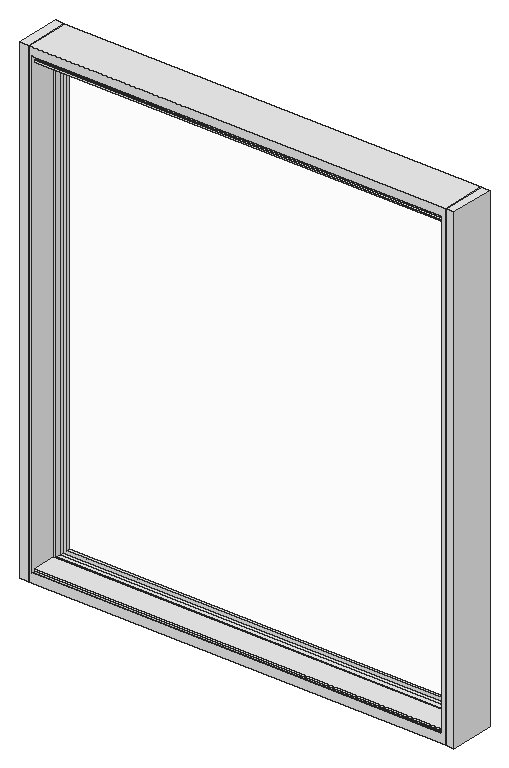
Revit family "heroal S 77 SL Sliding Door - 1-Part - Fixed Glazing", category Türen, Revit 2017
Family settings
  Basisbauteil = Wand
  OmniClass-Nummer = 23.30.10.00
  OmniClass-Titel = Doors
  Immer vertikal = Ja
  Beim Laden mit Abzugskörper schneiden = Nein
  Gemeinsam genutzt = Nein
  Raumberechnungspunkt = Ja
Parameters (values of type "2000x2200")
  Wind Load Resistance DIN EN 12210 = "C3/B3"
  Wall Thickness [instance] = 350 mm
  URL = "http://www.heroal.com"
  Tightness Against Driving Rain DIN EN 12208 = "9A"
  Soundproofing Class DIN EN ISO 717-1 = "1-3"
  Show Insulation in Detail Level Fine [instance] = yes
  Rough Width = Breite  # 2000 mm
  Rough Height = Height  # 2200 mm
  Reveal Top = 20 mm
  Reveal Right = 20 mm
  Reveal Left = 20 mm
  Profile View Width - Frame Profiles = "40 - 52mm"
  Profile View Width - Cross Bar Profiles = "74 - 104mm"
  Profile View Width - Casement Profiles = "104mm"
  Profile Installation Depth - Frame Profiles = "202mm"
  Profile Installation Depth - Cross Bar Profiles = "72mm"
  Profile Installation Depth - Casement Profiles = "77mm"
  Profile Area [instance] = (Breite - 20 mm) * (Height - 10 mm) - Glazing Area  # 0.487296 m²
  Modell = "heroal S 77 SL"  # constant formula
  Max. Thickness Of Glass/Infill Panel = "52mm"
  Max. Casement Weight = "300 - 400kg"
  Max. Casement Leaf Height = "3000mm"
  Hersteller = "heroal"  # constant formula
  Insert Depth [instance] = 125 mm
  Height = 2200 mm
  Wandabschluss = Nach Basisbauteil
  Breite = 2000 mm
  Heat Insulation [Uw in W/m2K] DIN EN ISO 10077-1 = "> 0,82 W/m²K"
  Heat Insulation [Uf in W/m2K]/Standard Profile View DIN EN ISO 10077 = "> 1,2 W/m²K"
  Heat Insulation [Uf in W/m2K] DIN EN ISO 10077 = "> 1,2 W/m²K"
  Glazing Area [instance] = (Breite - 146 mm) * (Height - 124 mm)  # 3.8489 m²
  Glass = heroal Glass
  Edition number = 1
  Door Interior [instance] = heroal Aluminium
  Door Exterior [instance] = heroal Aluminium
  Beschreibung = "heroal S 77 SL Sliding Systems"  # constant formula
  Copyright = "© heroal. Technical changes reserved."  # constant formula
  Calculated U-Value (W/m²K) [instance] = ((Profile Area / 1.00 m² * 1.40 m²) + (Glazing Area / 1.00 m² * 0.70 m²) + (7.86 m² * 0.04)) / (Profile Area + Glazing Area)  # 0.85117
  Burglary Resistance DIN V ENV 1627 = "up to RC 2"
  Baugruppenkennzeichen = "B2030110"
  Analytische Konstruktion = "<None>"
  Air Permeability DIN EN 12207 = "4"
Reference planes
  plane 1 "Center (Front/Back)": y = 0
  plane 2 "Axis 2": x = -150
  plane 3 "Left": x = -1150
  plane 4 "Right": x = 850
  plane 5 "Sill": z = 0
  plane 6 "Head": z = 2200
  plane 7 "Exterior": y = 175
  plane 8 "Interior": y = -175
  plane 9: x = -1130
  plane 10: x = 830
  plane 11 "Frame Exterior": y = 50
  plane 12: z = 2180
  plane 13 "Center (Elevation)": z = 1100
  plane 14 "Top Frame": z = 2190
  plane 15: z = -200
  plane 16: x = -1078
  plane 17 "Glass 1": x = -1094
  plane 18 "Glass Back 1": y = 35.5
  plane 19 "Glass Front 1": y = -4.5
  plane 20 "Glass Bottom": z = 130
  plane 21 "Glass Top": z = 2048
  plane 22: x = 785
  plane 23: x = -1085
  plane 24 "Handlle Edge": y = -152
  plane 25: z = 1050
  plane 26: x = -1140
  plane 27: x = 840
  plane 28: x = 794
  plane 29: x = -1100
  plane 30: x = 800
  plane 31: x = 778
Forms (mm)
  Extrusion 1, void
    sketch origin (0, 0, 0) x (1, 0, 0) y (0, 1, 0)
      loop
        line (-1150, -675) -> (850, -675) -> (850, 50) -> (-1150, 50) -> (-1150, -675)
    from -200 to 2200
  Extrusion 2, void
    sketch origin (0, 0, 0) x (1, 0, 0) y (0, 1, 0)
      loop
        line (-1130, 675) -> (-1130, 50) -> (830, 50) -> (830, 675) -> (-1130, 675)
    from 0 to 2180
  Sweep 3, solid, material "heroal Aluminium" <- "Door Interior"
    path origin (0, 50, 0) x (-1, 0, 0) y (0, 0, 1)
      loop
        line (-850, 0) -> (-850, 2190)
    profile "heroal_Profile_Frame : heroal_Profile_Frame" origin (850, 50, 1095) x (1, 0, 0) y (0, 1, 0)
      loop
        line (-10, 0) -> (-50, 0) -> (-50, -202) -> (-10, -202) -> (-10, 0)
  Sweep 4, solid, material "heroal Aluminium" <- "Door Interior"
    path origin (0, 50, 0) x (-1, 0, 0) y (0, 0, 1)
      loop
        line (1150, 2155) -> (1150, 0)
    profile "heroal_Profile_Sided_Cover : heroal_Profile_Sided_Cover" origin (-1150, 50, 1077.5) x (-1, 0, 0) y (0, 1, 0)
      loop
        line (-65, -81) -> (-65, -202) -> (-50, -202) -> (-50, -81) -> (-65, -81)
  Sweep 5, solid, material "heroal Aluminium" <- "Door Interior"
    path origin (0, 50, 0) x (1, 0, 0) y (0, 0, 1)
      loop
        line (850, 2155) -> (850, 0)
    profile "heroal_Profile_Sided_Cover : heroal_Profile_Sided_Cover" origin (850, 50, 1077.5) x (-1, 0, 0) y (0, 1, 0)
      loop
        line (65, -81) -> (50, -81) -> (50, -202) -> (65, -202) -> (65, -81)
  Sweep 6, solid, material "heroal Aluminium" <- "Door Interior"
    path origin (0, 50, 0) x (1, 0, 0) y (0, 0, 1)
      loop
        line (-1150, 0) -> (-1150, 2190)
    profile "heroal_Profile_Frame : heroal_Profile_Frame" origin (-1150, 50, 1095) x (1, 0, 0) y (0, 1, 0)
      loop
        line (10, 0) -> (10, -202) -> (50, -202) -> (50, 0) -> (10, 0)
  Sweep 7, solid, material "heroal Aluminium" <- "Door Interior"
    path origin (-300, 50, 0) x (1, 0, 0) y (0, 0, 1)
      loop
        line (-800, 2200) -> (1100, 2200)
    profile "heroal_Profile_Frame_Top_Fixed : heroal_Profile_Frame_Top_Fixed" origin (-150, 50, 2200) x (0, 0, -1) y (0, 1, 0)
      loop
        line (10, 0) -> (10, -202) -> (45, -202) -> (45, -186.7) -> (64.279, -186.7) -> (68.168, -193.436) -> (73, -194.288) -> (73, -77) -> (50, -77) -> (50, 0) -> (10, 0)
  Sweep 8, solid, material "heroal Aluminium" <- "Door Interior"
    path origin (-300, 0, 0) x (0, -1, 0) y (-1, 0, 0)
      loop
        line (-50, -1100) -> (-50, 800)
    profile "heroal_Profile_Bottom_Fixed : heroal_Profile_Bottom_Fixed" origin (-150, 50, 0) x (0, -1, 0) y (0, 0, 1)
      loop
        line (0, 30) -> (0, 0) -> (202, 0) -> (202, 39) -> (193.955, 39) -> (193.955, 44.124) -> (191.088, 52) -> (77.125, 52) -> (77.125, 30) -> (0, 30)
Cuts and joins
  joined: Sweep 4, Sweep 5, Sweep 7, Sweep 8
Lines and regions (mm)
  Masking region 1
    outline origin (0, 0, 0) x (0, -1, 0) y (1, 0, 0)
      loop
        line (-35.5, -1094) -> (4.5, -1094) -> (4.5, 794) -> (-35.5, 794) -> (-35.5, -1094)
  Masking region 2
    outline origin (0, 0, 0) x (0, -1, 0) y (1, 0, 0)
      loop
        line (152, 785) -> (27, 785) -> (27, -1085) -> (152, -1085) -> (152, 785)
  symbolic lines
    curve 1: line (778, 50, 0) -> (-1078, 50, 0)
    curve 2: line (-102, -152, 0) -> (-1078, -152, 0)
  symbolic lines, detail levels medium+fine
    curve 3: line (-1094, 15.5, 0) -> (794, 15.5, 0)
Text (mm)
  text "EXTERIOR" at (-1963.203, 1332.353, 0), in view "Ref. Level"
  text "INTERIOR" at (-1981.466, -818.386, 0), in view "Ref. Level"
  text "Exterior" at (0, 923.751, 2943.296), in view "Right"
  text "Exterior" at (0, 1040.484, 2685.409), in view "Left"
Dimensions and locks
  "Breite": plane 3 "Left" to plane 4 "Right"
  "Height": plane 5 "Sill" to plane 6 "Head"
  locked: plane 7 "Exterior" to host wall at 0
  locked: plane 8 "Interior" to host wall
  "Insert Depth": plane 11 "Frame Exterior" to plane 7 "Exterior"
  "Reveal Top": plane 12 to plane 6 "Head"
  Extrusion 1 sketch curve to plane 8 "Interior" = 500 mm
  locked: plane 7 "Exterior" to Extrusion 2 sketch curve at 500
  "Reveal Left": plane 3 "Left" to plane 9
  "Reveal Right": plane 10 to plane 4 "Right"
  locked: plane 14 "Top Frame" to plane 6 "Head" at 10
  equal spacing: plane 5 "Sill", plane 13 "Center (Elevation)", plane 6 "Head"
  "Wall Thickness": host wall to host wall
  plane 15 to plane 5 "Sill" = 200 mm
  plane 11 "Frame Exterior" to plane 18 "Glass Back 1" to plane 19 "Glass Front 1" to plane 24 "Handlle Edge" = 14.5 mm locked, 40 mm locked, 147.5 mm locked
  locked: plane 21 "Glass Top" to plane 6 "Head" at 152
  plane 5 "Sill" to plane 20 "Glass Bottom" = 130 mm
  locked: plane 25 to plane 5 "Sill" at 1050
  locked: plane 3 "Left" to plane 26 at 10
  locked: plane 27 to plane 4 "Right" at 10
  plane 3 "Left" to plane 4 "Right" = 2000 mm
  plane 3 "Left" to plane 29 to plane 17 "Glass 1" to plane 23 to plane 16 = 50 mm locked, 6 mm locked, 9 mm locked, 7 mm locked
  plane 31 to plane 22 to plane 28 to plane 30 to plane 4 "Right" = 7 mm locked, 9 mm locked, 6 mm locked, 50 mm locked
  equal spacing: plane 3 "Left", plane 2 "Axis 2", plane 4 "Right"
  locked: plane 18 "Glass Back 1" to curve 3 at 20
  aligned and locked: Extrusion 1 sketch curve to plane 3 "Left"
  aligned and locked: plane 4 "Right" to Extrusion 1 sketch curve
  aligned and locked: Extrusion 1 sketch curve to plane 11 "Frame Exterior"
  aligned: Extrusion 1 to plane 12
  aligned and locked: plane 11 "Frame Exterior" to Extrusion 2 sketch curve
  aligned and locked: plane 9 to Extrusion 2 sketch curve
  aligned and locked: Extrusion 2 sketch curve to plane 10
  aligned and locked: Extrusion 2 to plane 12
  aligned and locked: plane 5 "Sill" to Extrusion 2
  aligned and locked: Extrusion 1 to plane 6 "Head"
  aligned and locked: plane 4 "Right" to Sweep 3 sketch curve
  aligned and locked: Masking region 1 sketch curve to plane 18 "Glass Back 1"
  aligned and locked: Masking region 1 sketch curve to plane 19 "Glass Front 1"
  aligned and locked: plane 5 "Sill" to Sweep 4 sketch curve
  aligned and locked: plane 3 "Left" to Sweep 4 sketch curve
  aligned and locked: plane 5 "Sill" to Sweep 3 sketch curve
  aligned and locked: plane 5 "Sill" to Sweep 6 sketch curve
  aligned and locked: plane 14 "Top Frame" to Sweep 6 sketch curve
  aligned and locked: plane 14 "Top Frame" to Sweep 3 sketch curve
  aligned and locked: nested 2 to plane 13 "Center (Elevation)"
  aligned and locked: plane 29 to Sweep 7 sketch curve
  aligned and locked: plane 29 to Sweep 8 sketch curve
  aligned and locked: plane 3 "Left" to nested 3
  aligned and locked: plane 11 "Frame Exterior" to nested 3
  aligned and locked: plane 4 "Right" to nested 4
  aligned and locked: nested 4 to plane 11 "Frame Exterior"
  aligned and locked: plane 23 to Masking region 2 sketch curve
  aligned and locked: nested 3 to curve 3
  aligned and locked: plane 17 "Glass 1" to Masking region 1 sketch curve
  aligned and locked: nested 1 to plane 11 "Frame Exterior"
  aligned and locked: Sweep 4 sketch curve to Sweep 7
  aligned and locked: plane 5 "Sill" to Sweep 5 sketch curve
  aligned and locked: plane 30 to Sweep 7 sketch curve
  aligned and locked: plane 30 to Sweep 8 sketch curve
  aligned and locked: Masking region 2 sketch curve to plane 22
  aligned and locked: Masking region 1 sketch curve to plane 28
  aligned and locked: plane 28 to curve 3
  aligned and locked: plane 31 to curve 1
  aligned and locked: nested 1 to plane 2 "Axis 2"
  aligned and locked: plane 2 "Axis 2" to nested 2
Automatic sketch dimensions
  plane 4 "Right" to Sweep 5 sketch curve = 0 mm
  plane 3 "Left" to Sweep 6 sketch curve = 0 mm
  Sweep 8 sketch curve to plane 11 "Frame Exterior" = 0 mm
  plane 19 "Glass Front 1" to Masking region 2 sketch curve = 22.5 mm
  plane 24 "Handlle Edge" to Masking region 2 sketch curve = 0 mm
  Sweep 7 sketch curve to plane 6 "Head" = 0 mm
  curve 1 to plane 16 = 0 mm
  curve 1 to plane 11 "Frame Exterior" = 0 mm
  curve 2 to plane 24 "Handlle Edge" = 0 mm  (x2)
  plane 11 "Frame Exterior" to curve 1 = 0 mm
  plane 16 to curve 2 = 0 mm
  plane 12 to Sweep 5 sketch curve = 25 mm
  curve 2 to curve 2 = 976 mm
Nested families
  nested 1: "Leaf" at (-150, 50, 0), Breite <- "Breite", Height <- "Height", Door Exterior <- "Door Exterior", Door Interior <- "Door Interior", Glass <- "Glass", Show Insulation <- "Show Insulation in Detail Level Fine", type "Leaf"
    with Breite 2000 mm, Show Insulation yes, Height 2200 mm, Glass heroal Glass, Door Interior heroal Aluminium, Door Exterior heroal Aluminium
  nested 2: "heroal_Detail_Arrow" at (-150, 50, 1100) x (-1, 0, 0) z (0, 1, 0), type "heroal_Detail_Arrow"
    with Fixed yes, Arrow no
  nested 3: "heroal_Detail_Frame_Left" at (-1150, 50, 0) x (1, 0, 0) z (0, 0, -1), type "heroal_Detail_Frame_Left"
  nested 4: "heroal_Detail_Frame_Left" at (850, 50, 0) x (-1, 0, 0) z (0, 0, -1), type "heroal_Detail_Frame_Left"
Definition of nested family "Leaf"
  Parameters (values of type "Leaf")
    Width [instance] = 1500 mm
    Show Insulation [instance] = no
    Height [instance] = 2000 mm
    Glass [instance] = none
    Door Interior [instance] = none
    Door Exterior [instance] = none
    Assembly Code = ""
    Analytic Construction = "<None>"
  Reference planes
    plane 1 "Back": y = 0
    plane 2 "Bottom": z = 0
    plane 3 "Center (Left/Right)": x = 0
    plane 4 "Left": x = -750
    plane 5 "Right": x = 750
    plane 6: z = 2000
    plane 7: x = 694
    plane 8: z = 44
    plane 9: z = 1934
    plane 10: y = -77
    plane 11 "Fixed Left": x = -694
    plane 12 "Fixed Top": z = 1944
    plane 13 "Fixed Bottom": z = 36
  Forms (mm)
    Sweep 1, solid, material <- "Door Interior"
      path origin (0, 0, 0) x (1, 0, 0) y (0, 0, 1)
        loop
          line (-694, 1944) -> (-694, 36) -> (692, 36) -> (692, 1944) -> (-694, 1944)
      profile "heroal_Profile_Leaf_Fixed : heroal_Profile_Leaf_Fixed" origin (-694, 0, 990) x (1, 0, 0) y (0, -1, 0)
        loop
          line (16, 0) -> (16, 14.5) -> (0, 14.5) -> (0, 54.5) -> (16, 54.5) -> (16, 77) -> (-6, 77) -> (-6, 0) -> (16, 0)
    Extrusion 2, solid, material <- "Glass"
      sketch origin (0, 0, 0) x (1, 0, 0) y (0, 0, 1)
        loop
          line (-694, 1944) -> (-694, 36) -> (692, 36) -> (692, 1944) -> (-694, 1944)
      from 14.5 to 54.5
  Lines and regions (mm)
    symbolic lines, detail levels medium+fine
      curve 1: line (0, -34.5, 1944) -> (0, -34.5, 36)
  Dimensions and locks
    equal spacing: plane 4 "Left", plane 3 "Center (Left/Right)", plane 5 "Right"
    "Width": plane 4 "Left" to plane 5 "Right"
    "Height": plane 6 to plane 2 "Bottom"
    locked: plane 7 to plane 5 "Right" at 56
    locked: plane 6 to plane 9 at 66
    locked: plane 1 "Back" to plane 10 at 77
    locked: plane 4 "Left" to plane 11 "Fixed Left" at 56
    locked: plane 7 to Sweep 1 sketch curve at 2
    locked: plane 7 to Extrusion 2 sketch curve at 2
    locked: plane 6 to plane 12 "Fixed Top" at 56
    locked: plane 13 "Fixed Bottom" to plane 2 "Bottom" at 36
    aligned and locked: level to plane 2 "Bottom"
    aligned and locked: Sweep 1 sketch curve to plane 11 "Fixed Left"
    aligned and locked: plane 11 "Fixed Left" to Extrusion 2 sketch curve
    aligned and locked: Extrusion 2 sketch curve to plane 12 "Fixed Top"
    aligned and locked: Sweep 1 sketch curve to plane 12 "Fixed Top"
    aligned and locked: nested 1 to plane 2 "Bottom"
    aligned and locked: plane 1 "Back" to nested 1
    aligned and locked: Extrusion 2 sketch curve to plane 13 "Fixed Bottom"
    aligned and locked: plane 13 "Fixed Bottom" to Sweep 1 sketch curve
    aligned and locked: plane 6 to nested 2
    aligned and locked: nested 2 to plane 1 "Back"
  Automatic sketch dimensions
    curve 1 to plane 12 "Fixed Top" = 0 mm
    curve 1 to plane 13 "Fixed Bottom" = 0 mm
    plane 1 "Back" to curve 1 = 34.5 mm
  Nested families
    nested 1: "heroal_Detail_Frame_Bottom_Fixed" at (0, -178, 0) x (0, 1, 0) z (1, 0, 0), type "heroal_Detail_Frame_Bottom_Fixed"
    nested 2: "heroal_Detail_Frame_Top_Fixed" at (0, 0, 2000) x (0, -1, 0) z (1, 0, 0), type "heroal_Detail_Frame_Top_Fixed"
  Definition of nested family "heroal_Detail_Frame_Bottom_Fixed"
    Parameters (values of type "heroal_Detail_Frame_Bottom_Fixed")
      Show Insulation = no
      Assembly Code = ""
    Reference planes
      plane 1 "Center (Front/Back)": y = 0
      plane 2: z = 0
      plane 3 "Center (Left/Right)": x = -24
      plane 4: x = 178
    Lines and regions (mm)
      Filled region 1, type "heroal_Insulation", in view "Ref. Level", visible <- "Show Insulation", detail levels fine
        outline origin (781.247, -177.37, 0) x (1, 0, 0) y (0, 1, 0)
          loop
            line (-739.203, 195.87) -> (-744.103, 190.97) -> (-745.747, 190.97) -> (-748.047, 193.27) -> (-748.047, 191.372) -> (-751.247, 188.17) -> (-751.247, 187.07) -> (-748.047, 183.868) -> (-748.047, 181.97) -> (-745.747, 184.27) -> (-744.103, 184.27) -> (-739.203, 179.37) -> (-726.291, 179.37) -> (-721.391, 184.27) -> (-719.747, 184.27) -> (-717.447, 181.97) -> (-717.447, 183.868) -> (-714.247, 187.07) -> (-714.247, 188.17) -> (-717.447, 191.372) -> (-717.447, 193.27) -> (-719.747, 190.97) -> (-721.391, 190.97) -> (-726.291, 195.87) -> (-739.203, 195.87)
          loop
            line (-637.391, 195.87) -> (-650.354, 195.87) -> (-655.215, 191.008) -> (-656.872, 191.008) -> (-659.172, 193.308) -> (-659.172, 191.552) -> (-662.293, 188.295) -> (-662.288, 187.065) -> (-659.048, 183.725) -> (-659.048, 181.97) -> (-656.748, 184.27) -> (-655.091, 184.27) -> (-650.229, 179.408) -> (-637.266, 179.408) -> (-632.404, 184.27) -> (-630.747, 184.27) -> (-628.447, 181.97) -> (-628.447, 183.725) -> (-625.247, 187.065) -> (-625.247, 188.166) -> (-628.572, 191.552) -> (-628.572, 193.308) -> (-630.872, 191.008) -> (-632.529, 191.008) -> (-637.391, 195.87)
      Masking region 1, in view "Ref. Level", detail levels coarse+medium
        outline origin (0, -10, 0) x (1, 0, 0) y (0, 1, 0)
          loop
            line (178, 40) -> (101, 40) -> (101, 62) -> (-13.089, 62) -> (-15.955, 54.124) -> (-15.955, 49) -> (-24, 49) -> (-24, 10) -> (178, 10) -> (178, 40)
  Definition of nested family "heroal_Detail_Frame_Top_Fixed"
    Parameters (values of type "heroal_Detail_Frame_Top_Fixed")
      Show Insulation = no
      Assembly Code = ""
    Reference planes
      plane 1 "Center (Front/Back)": y = 0
      plane 2: z = 0
      plane 3 "Center (Left/Right)": x = 0
      plane 4: x = 231.816
    Lines and regions (mm)
      Filled region 1, type "heroal_Insulation", in view "Ref. Level", visible <- "Show Insulation", detail levels fine
        outline origin (751.431, -167.37, 0) x (1, 0, 0) y (0, 1, 0)
          loop
            line (-729.431, 132.026) -> (-726.232, 128.687) -> (-726.232, 126.931) -> (-723.932, 129.231) -> (-722.275, 129.231) -> (-717.413, 124.37) -> (-704.45, 124.37) -> (-699.588, 129.231) -> (-697.931, 129.231) -> (-695.631, 126.931) -> (-695.631, 128.687) -> (-692.431, 132.027) -> (-692.43, 147.674) -> (-695.63, 151.014) -> (-695.63, 152.77) -> (-697.93, 150.47) -> (-699.587, 150.47) -> (-704.449, 155.331) -> (-717.412, 155.331) -> (-722.274, 150.47) -> (-723.931, 150.47) -> (-726.231, 152.77) -> (-726.231, 151.014) -> (-729.431, 147.674) -> (-729.431, 132.026)
          loop
            line (-633.287, 136.77) -> (-628.387, 131.87) -> (-615.475, 131.87) -> (-610.575, 136.77) -> (-608.931, 136.77) -> (-606.631, 134.47) -> (-606.631, 136.368) -> (-603.431, 139.57) -> (-603.431, 147.67) -> (-606.631, 150.872) -> (-606.631, 152.77) -> (-608.931, 150.47) -> (-610.575, 150.47) -> (-615.475, 155.37) -> (-628.387, 155.37) -> (-633.287, 150.47) -> (-634.931, 150.47) -> (-637.231, 152.77) -> (-637.231, 150.872) -> (-640.431, 147.67) -> (-640.431, 139.57) -> (-637.231, 136.368) -> (-637.231, 134.47) -> (-634.931, 136.77) -> (-633.287, 136.77)
      Masking region 1, in view "Ref. Level", detail levels coarse+medium
        outline origin (-29.816, 0, 0) x (1, 0, 0) y (0, 1, 0)
          loop
            line (29.816, -10) -> (29.816, -50) -> (106.816, -50) -> (106.816, -73) -> (224.104, -73) -> (223.252, -68.168) -> (216.516, -64.279) -> (216.516, -45) -> (231.816, -45) -> (231.816, -10) -> (29.816, -10)
      detail lines, in view "Ref. Level", detail levels fine
        curve 1: line (111, -10, 0) -> (111, -37, 0)
Definition of nested family "heroal_Detail_Arrow"
  Parameters (values of type "heroal_Detail_Arrow")
    Fixed [instance] = yes
    Assembly Code = ""
    Arrow [instance] = yes
  Reference planes
    plane 1 "Center (Front/Back)": y = 0
    plane 2: z = 0
    plane 3 "Center (Left/Right)": x = 0
  Lines and regions (mm)
    detail lines, in view "Ref. Level", visible <- "Arrow", detail levels medium+fine
      curve 1: line (-150, 0, 0) -> (150, 0, 0)
      curve 2: line (-150, 30, 0) -> (-210, 0, 0)
      curve 3: line (-150, -30, 0) -> (-150, 30, 0)
      curve 4: line (-210, 0, 0) -> (-150, -30, 0)
      curve 5: line (150, 0, 0) -> (150, -90, 0)
    detail lines, in view "Ref. Level", visible <- "Fixed", detail levels medium+fine
      curve 6: line (0, -75, 0) -> (0, 75, 0)
      curve 7: line (-75, 0, 0) -> (75, 0, 0)
Definition of nested family "heroal_Detail_Frame_Left"
  Parameters (values of type "heroal_Detail_Frame_Left")
    Show Insulation = yes
    Assembly Code = ""
  Reference planes
    plane 1 "Center (Front/Back)": y = 0
    plane 2: z = 0
    plane 3 "Center (Left/Right)": x = 0
    plane 4: y = -202
  Lines and regions (mm)
    Filled region 1, type "heroal_Insulation", in view "Ref. Level", visible <- "Show Insulation", detail levels fine
      outline origin (533.872, -237.048, 0) x (1, 0, 0) y (0, 1, 0)
        loop
          line (-521.834, 190.066) -> (-516.972, 185.204) -> (-516.972, 183.547) -> (-519.272, 181.247) -> (-517.517, 181.247) -> (-514.176, 178.047) -> (-493.571, 178.048) -> (-490.231, 181.247) -> (-488.476, 181.247) -> (-490.776, 183.547) -> (-490.776, 185.204) -> (-485.914, 190.066) -> (-485.914, 203.029) -> (-490.776, 207.891) -> (-490.776, 209.548) -> (-488.476, 211.848) -> (-490.231, 211.848) -> (-493.571, 215.047) -> (-514.176, 215.048) -> (-517.517, 211.848) -> (-519.272, 211.848) -> (-516.972, 209.548) -> (-516.972, 207.891) -> (-521.834, 203.029) -> (-521.834, 190.066)
        loop
          line (-503.272, 118.904) -> (-503.272, 120.548) -> (-500.972, 122.848) -> (-502.87, 122.848) -> (-506.072, 126.048) -> (-514.172, 126.048) -> (-517.374, 122.848) -> (-519.272, 122.848) -> (-516.972, 120.548) -> (-516.972, 118.904) -> (-521.872, 114.004) -> (-521.872, 101.092) -> (-516.972, 96.192) -> (-516.972, 94.548) -> (-519.272, 92.248) -> (-517.374, 92.248) -> (-514.172, 89.048) -> (-506.072, 89.048) -> (-502.87, 92.248) -> (-500.972, 92.248) -> (-503.272, 94.548) -> (-503.272, 96.192) -> (-498.372, 101.092) -> (-498.372, 114.004) -> (-503.272, 118.904)
    Masking region 1, in view "Ref. Level", detail levels coarse+medium
      outline origin (500, 0, 0) x (0, 1, 0) y (-1, 0, 0)
        loop
          line (0, 450) -> (0, 490) -> (-202, 490) -> (-202, 450) -> (0, 450)
    Masking region 2, in view "Ref. Level", detail levels coarse+medium
      outline origin (0, 0, 0) x (1, 0, 0) y (0, 1, 0)
        loop
          line (50, 0) -> (50, -202) -> (65, -202) -> (65, -77) -> (72, -77) -> (72, -54.5) -> (56, -54.5) -> (56, -14.5) -> (72, -14.5) -> (72, 0) -> (50, 0)
    detail lines, in view "Ref. Level", detail levels coarse+medium
      curve 1: line (50, -81, 0) -> (50, -178, 0)
      curve 2: line (65, -77, 0) -> (50, -77, 0)
